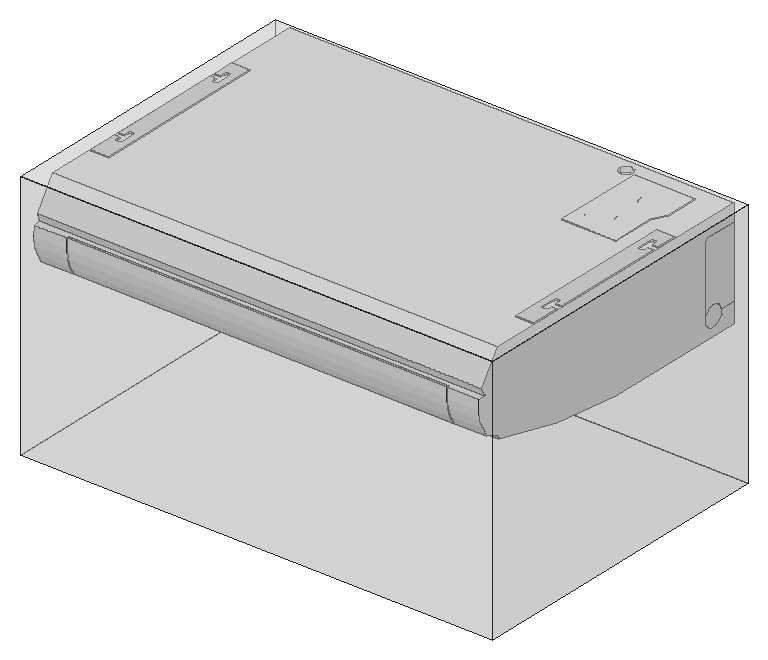
Revit family "outputfile", category 機械設備, Revit 2024
Family settings
  丸型コネクタ寸法 = 半径を使用
  パーツ タイプ = 標準
  OmniClass 番号 = 23.75.10.24.21.27.27
  OmniClass タイトル = Split System Air Conditioning Units
  作業面ベース = いいえ
  常に垂直 = はい
  ロード時にボイドで切り取り = いいえ
  注釈の向きを維持 = いいえ
  共有 = いいえ
  部屋計算ポイント = はい
Parameters (values of type "FHA60DVA")
  製造元 = "Daikin"
  書き出し IFC クラス(タイプ) = "IfcUnitaryEquipmentType"
  定義済み IFC タイプ(タイプ) = "AIRCONDITIONINGUNIT"
  モデル = "FHA60DVA"
  switch_frequency = yes
  r_Liquid Pipe Size = Liquid Pipe Size / 2  # 4.75 mm
  r_Gas Pipe Size = Gas Pipe Size / 2  # 7.95 mm
  r_Drain Pipe Size = Drain Pipe Size / 2  # 10.0 mm
  l_powersupply [instance] = if(Rear Right Connection_powersupply, 29.0 mm, 175.0 mm)  # 29.0 mm
  h_mountinghole = 2.0 mm
  connector_voltage = Voltage_50Hz  # 230 V
  connector_powerinput = [Power Input (Cooling)]  # 1.550 kW
  connector_phase = Phase_50Hz  # 1
  angle_vertical_powersupply [instance] = if(Rear Right Connection_powersupply, 90.00°, 180.00°)  # 90.00°
  angle_vertical_drainpipe [instance] = if(or(Left Connection_drainpipe, Right Connection_drainpipe), 90.00°, if(Top Connection_drainpipe, 180.00°, -90.00°))  # -90.00°
  angle_horizontal_powersupply [instance] = if(Rear Right Connection_powersupply, 180.00°, 0.00°)  # 180.00°
  angle_horizontal_drainpipe [instance] = if(Right Connection_drainpipe, 90.00°, if(Left Connection_drainpipe, -90.00°, 0.00°))  # 0.00°
  Voltage_comment_60Hz = "220-240"
  Voltage_comment_50Hz = "220-240"
  Voltage_60Hz = 230 V
  Voltage_50Hz = 230 V
  Top Connection_refrigerant [instance] = no
  Top Connection_powersupply [instance] = not(Rear Right Connection_powersupply)  # no
  Right Connection_refrigerant [instance] = no
  Rear Right Connection_refrigerant [instance] = yes
  Phase_60Hz = 1
  Phase_50Hz = 1
  Material_Casing = DAIKIN_White_Casing_indoorunit
  lw_powersupply [instance] = if(Rear Right Connection_powersupply, 220.0 mm, 210.0 mm)  # 220.0 mm
  lw_mountinghole_pitch = Width - 40.0 mm  # 920.0 mm
  lw_mountinghole = 20.0 mm
  lw_liquidpipe [instance] = if(Right Connection_refrigerant, 156.0 mm, if(Top Connection_refrigerant, 156.0 mm, 136.0 mm))  # 136.0 mm
  lw_gaspipe = 105.0 mm
  lw_drainpipe [instance] = if(Top Connection_drainpipe, 102.0 mm, if(Width = 960.0 mm, if(or(Left Connection_drainpipe, Rear Left Connection_drainpipe), 884.0 mm, 83.0 mm), if(Width = 1270.0 mm, if(or(Left Connection_drainpipe, Rear Left Connection_drainpipe), 1194.0 mm, 83.0 mm), if(Width = 1590.0 mm, if(or(Left Connection_drainpipe, Rear Left Connection_drainpipe), 1514.0 mm, 83.0 mm), 83.0 mm))))  # 83.0 mm
  lh_powersupply = 175.0 mm
  lh_liquidpipe [instance] = if(Rear Right Connection_refrigerant, 160.0 mm, 131.0 mm)  # 160.0 mm
  lh_gaspipe [instance] = if(Rear Right Connection_refrigerant, 150.0 mm, 91.0 mm)  # 150.0 mm
  lh_drainpipe = 197.0 mm
  l_antena = 1.0 mm
  ld_powersupply = 30.0 mm
  ld_mountinghole_pitch = 260.0 mm
  ld_mountinghole = 210.0 mm
  ld_liquidpipe [instance] = if(Right Connection_refrigerant, 57.0 mm, if(Top Connection_refrigerant, 189.0 mm, 221.0 mm))  # 221.0 mm
  ld_gaspipe [instance] = if(Right Connection_refrigerant, 57.0 mm, if(Top Connection_refrigerant, 163.0 mm, 214.0 mm))  # 214.0 mm
  ld_drainpipe [instance] = if(or(Left Connection_drainpipe, Right Connection_drainpipe), 57.0 mm, if(Top Connection_drainpipe, 87.0 mm, 268.0 mm))  # 268.0 mm
  l_liquidpipe_length [instance] = if(Right Connection_refrigerant, 156.0 mm, if(Top Connection_refrigerant, 131.0 mm, 220.0 mm))  # 220.0 mm
  l_gaspipe_length [instance] = if(Right Connection_refrigerant, 105.0 mm, if(Top Connection_refrigerant, 91.0 mm, 213.0 mm))  # 213.0 mm
  l_drainpipe_length [instance] = if(Right Connection_drainpipe, 83.0 mm, if(Top Connection_drainpipe, 197.0 mm, if(Left Connection_drainpipe, 76.0 mm, 267.0 mm)))  # 267.0 mm
  h*** = 0.0 mm
  angle_vertical [instance] = if(Right Connection_refrigerant, 90.00°, if(Top Connection_refrigerant, 180.00°, -90.00°))  # -90.00°
  angle_horizontal [instance] = if(Right Connection_refrigerant, 90.00°, 0.00°)  # 0.00°
  Width = 960.0 mm
  Version = "ver.1.0"
  Unit Type = "Ceiling"
  Unit Mass Weight = 25.00 kg
  Unit Designation [instance] = ""
  Uniclass2015Version = "Products v1.30"
  Uniclass2015Title = "Split coil room air conditioning units"
  Uniclass2015Code = "Pr_70_65_03_86"
  Total Cooling Capacity [instance] = 0.000 kW
  Top Connection_drainpipe [instance] = no
  Sound Pressure Level_M speed (dBA) = 35
  Sound Pressure Level_L speed (dBA) = 32
  Sound Pressure Level_H speed (dBA) = 37
  Series = "SkyAir_Fan Coil Unit"
  Sensible Cooling Capacity [instance] = 0.000 kW
  Rear Right Connection_drainpipe [instance] = yes
  Rear Right Connection_powersupply [instance] = yes
  Right Connection_drainpipe [instance] = no
  Refrigerant Type = "R32"
  Power Input (Cooling) = 1.550 kW
  Option Accessory 3 [instance] = ""
  Option Accessory 2 [instance] = ""
  Option Accessory 1 [instance] = ""
  Nominal Cooling Capacity = 6.000 kW
  Minimum Airflow = 600.00 m³/h
  Median Airflow = 720.00 m³/h
  Maximum Airflow = 900.00 m³/h
  Load Classification = HVAC
  Liquid Pipe Size = 9.5 mm
  Link_Nested Family [instance] = ""
  Rear Left Connection_drainpipe [instance] = no
  Left Connection_drainpipe [instance] = no
  IfcVersion = ""
  IfcExportType = "AIRCONDITIONINGUNIT"
  IfcExportAs = "IfcUnitaryEquipmentType"
  Height = 235.0 mm
  Heat Exchanger Type = "Cross Fin Coil"
  Gas Pipe Size = 15.9 mm
  Frequency_60Hz = 60 Hz
  Frequency_50Hz = 50 Hz
  Fan Type = "Cross Flow Fan"
  Fan Drive = "Direct Drive"
  FCU Tag No. [instance] = ""
  Drain Pipe Size = 20.0 mm
  Design Supply Airflow [instance] = 0.00 m³/h
  Design Outdoor Airflow [instance] = 0.00 m³/h
  Depth = 690.0 mm
  既定の高さ = 0.0 mm
  Cooling Entering Wet Bulb Temperature [instance] = 0.00 °C
  Cooling Entering Dry Bulb Temperature [instance] = 0.00 °C
  Cooling Ambient Wet Bulb Temperature [instance] = 0.00 °C
  Cooling Ambient Dry Bulb Temperature [instance] = 0.00 °C
  Clearance visibility [instance] = yes
  Clearance Top = 5.0 mm
  Clearance Right = 30.0 mm
  Clearance Rear = 0.0 mm
  Clearance Left = 30.0 mm
  Clearance Front = 0.0 mm
  Clearance Bottom = 300.0 mm
Reference planes
  plane 1 "Back": y = 0
  plane 2: z = 0
  plane 3 "Center (Left/Right)": x = 0
  plane 4 "Center (Front/Back)": y = -1
  plane 5 "Front": y = -690
  plane 6 "Left": x = -480
  plane 7 "Right": x = 480
  plane 8 "Top": z = 0
  plane 9 "Bottom": z = -235
  plane 10: y = -690
  plane 11: x = -510
  plane 12: x = 510
  plane 13: z = 5
  plane 14: z = -535
  plane 15: y = 0
  plane 16 "lw_mountinghole": x = -460
  plane 17 "lw_mountinghole2": x = 460
  plane 18 "ld_mountinghole": y = -210
  plane 19 "ld_mountinghole2": y = -470
  plane 20 "lw_gaspipe": x = 375
  plane 21 "ld_gaspipe": y = -214
  plane 22 "lh_gaspipe": z = -150
  plane 23 "lw_liquidpipe": x = 344
  plane 24 "ld_liquidpipe": y = -221
  plane 25 "lh_liquidpipe": z = -160
  plane 26 "ld_drainpipe": y = -268
  plane 27 "lw_drainpipe": x = 397
  plane 28 "lh_drainpipe": z = -197
  plane 29 "lw_powersupply": x = 260
  plane 30 "lh_powersupply": z = -175
  plane 31 "ld_powersupply": y = -30
  plane 32: x = -410.5
  plane 33: x = 410.5
  plane 34: x = -435
  plane 35: x = 435
  plane 36: x = -2
  plane 37: x = 2
Forms (mm)
  Extrusion 1, solid, material "DAIKIN_White_Casing_indoorunit" <- "Material_Casing"
    sketch origin (0, 0, 0) x (0, 1, 0) y (0, 0, 1)
      loop
        line (-639.277, 0) -> (-680.876, -61.699) -> (-675.026, -77.772)
        arc (-675.026, -77.772) -> (-681.815, -78.743) -> (-688.601, -79.732) r 2634.132
        arc (-688.601, -79.732) -> (-687.018, -121.096) -> (-669.159, -158.439) r 102.2
        line (-669.159, -158.439) -> (-639.858, -169.325) -> (-635.895, -178.261)
        arc (-635.895, -178.261) -> (-479.121, -215.759) -> (-319.077, -235) r 1400.997
        line (-319.077, -235) -> (-1, -235) -> (-1, 0) -> (-639.277, 0)
    from -480 to 480
  Extrusion 2, solid, material "DAIKIN_White_Casing_indoorunit" <- "Material_Casing"
    sketch origin (0, 0, 0) x (0, 1, 0) y (0, 0, 1)
      loop
        arc (-688.601, -79.732) -> (-687.018, -121.096) -> (-669.159, -158.439) r 102.2
        line (-669.159, -158.439) -> (-665.589, -154.869)
        arc (-665.589, -154.869) -> (-682.432, -118.783) -> (-683.39, -78.971) r 97.2
        arc (-683.39, -78.971) -> (-685.996, -79.351) -> (-688.601, -79.732) r 2634.132
    from -410.5 to 410.5
  Extrusion 3, void
    sketch origin (0, 0, 0) x (0, 1, 0) y (0, 0, 1)
      loop
        line (-301.098, -235) -> (-21.098, -235) -> (-21.098, -230) -> (-301.098, -230) -> (-301.098, -235)
    from -435 to 435
  Extrusion 4, solid, material "DAIKIN_White_Grille_indoorunit"
    sketch origin (0, 0, 0) x (0, 1, 0) y (0, 0, 1)
      loop
        line (-20.098, -230) -> (-301.098, -230) -> (-301.098, -235) -> (-20.098, -235) -> (-20.098, -230)
    from -435 to -2
  Extrusion 5, solid, material "DAIKIN_White_Casing_indoorunit" <- "Material_Casing"
    sketch origin (0, 0, 0) x (1, 0, 0) y (0, 0, 1)
      loop
        line (287, -63) -> (287, -178) -> (358, -220) -> (421, -220) -> (421, -63) -> (287, -63)
    from 0 to 1
  Extrusion 6, solid, material "DAIKIN_White_Casing_indoorunit" <- "Material_Casing"
    sketch origin (0, 0, 0) x (-1, 0, 0) y (0, -1, 0)
      loop
        line (-292, 35) -> (-292, 230) -> (-408, 230) -> (-408, 135) -> (-423, 105) -> (-423, 35) -> (-292, 35)
    from 0 to 1.9
  Extrusion 7, void
    sketch origin (480, 0, 0) x (0, 1, 0) y (0, 0, 1)
      loop
        arc (-79.5, -195) -> (-55.446, -217.446) -> (-34.715, -191.9) r 22.5
        line (-34.715, -191.9) -> (-1, -191.9) -> (-1, -190.1) -> (-35.04, -190.1)
        arc (-35.04, -190.1) -> (-54.942, -172.594) -> (-77.7, -186.182) r 22.5
        line (-77.7, -186.182) -> (-77.7, -43)
        arc (-77.7, -43) -> (-76.528, -40.172) -> (-73.7, -39) r 4
        line (-73.7, -39) -> (-1, -39) -> (-1, -37.2) -> (-73.7, -37.2)
        arc (-73.7, -37.2) -> (-77.801, -38.899) -> (-79.5, -43) r 5.8
        line (-79.5, -43) -> (-79.5, -195)
      loop
        circle (-57, -195) r 20.7
    from 0 to -10
  Extrusion 8, void
    sketch origin (-1444.026, -1, 1200) x (1, 0, 0) y (0, 0, 1)
      loop
        arc (1030.026, -1375) -> (1019.42, -1379.393) -> (1015.026, -1390) r 15
        line (1015.026, -1390) -> (1015.026, -1400)
        arc (1015.026, -1400) -> (1019.42, -1410.607) -> (1030.026, -1415) r 15
        line (1030.026, -1415) -> (1060.026, -1415)
        arc (1060.026, -1415) -> (1070.633, -1410.607) -> (1075.026, -1400) r 15
        line (1075.026, -1400) -> (1075.026, -1390)
        arc (1075.026, -1390) -> (1070.633, -1379.393) -> (1060.026, -1375) r 15
        line (1060.026, -1375) -> (1030.026, -1375)
    from 0 to 10
  Extrusion 9, void
    sketch origin (-480, 0, 0) x (0, 1, 0) y (0, 0, 1)
      loop
        circle (-57, -197) r 22.5
    from 0 to 10
  Extrusion 10, void
    sketch origin (-1444.026, -1, 1200) x (1, 0, 0) y (0, 0, 1)
      loop
        circle (1821.026, -1375) r 44
    from 0 to 10
  Extrusion 11, void
    sketch origin (0, 0, 0) x (-1, 0, 0) y (0, -1, 0)
      loop
        circle (-378, 87) r 30
    from 0 to -10
  Extrusion 12, void
    sketch origin (0, 0, 0) x (-1, 0, 0) y (0, -1, 0)
      loop
        circle (-375, 163) r 18
    from 0 to -10
  Extrusion 13, void
    sketch origin (0, 0, 0) x (-1, 0, 0) y (0, -1, 0)
      loop
        circle (-324, 189) r 13
    from 0 to -10
  Extrusion 14, void
    sketch origin (-1444.026, -1, 1200) x (1, 0, 0) y (0, 0, 1)
      loop
        circle (1704.026, -1375) r 14.5
    from 0 to 10
  Extrusion 15, void
    sketch origin (0, 0, 0) x (-1, 0, 0) y (0, -1, 0)
      loop
        circle (-270, 30) r 14.5
    from 0 to -10
  Extrusion 16, void
    sketch origin (480, 0, 0) x (0, 1, 0) y (0, 0, 1)
      loop
        arc (-665.589, -154.869) -> (-682.432, -118.783) -> (-683.39, -78.971) r 97.2
        arc (-683.39, -78.971) -> (-685.996, -79.351) -> (-688.601, -79.732) r 2634.132
        arc (-688.601, -79.732) -> (-687.018, -121.096) -> (-669.159, -158.439) r 102.2
        line (-669.159, -158.439) -> (-665.589, -154.869)
    from -69.5 to -890.5
  Extrusion 17, solid, material "DAIKIN_White_Casing_indoorunit" <- "Material_Casing"
    sketch origin (-480, 0, 0) x (0, 1, 0) y (0, 0, 1)
      loop
        circle (-57, -197) r 22.5
    from 0 to 10
  Extrusion 18, solid, material "DAIKIN_White_Grille_indoorunit"
    sketch origin (780, 0, 0) x (0, 1, 0) y (0, 0, 1)
      loop
        line (-20.098, -230) -> (-301.098, -230) -> (-301.098, -235) -> (-20.098, -235) -> (-20.098, -230)
    from -782 to -778
  Extrusion 19, solid, material "DAIKIN_White_Grille_indoorunit"
    sketch origin (0, 0, 0) x (0, 1, 0) y (0, 0, -1)
      loop
        line (-20.098, 230) -> (-20.098, 235) -> (-301.098, 235) -> (-301.098, 230) -> (-20.098, 230)
    from -435 to -2
Cuts and joins
  Extrusion 3, Extrusion 7, Extrusion 8, Extrusion 9, Extrusion 10, Extrusion 11, Extrusion 12, Extrusion 13, Extrusion 14, Extrusion 15, Extrusion 16 cuts Extrusion 1
Lines and regions (mm)
  reference lines
    curve 1: line (480, -580.282, -192.75) -> (480, -551.225, -200.21)
Dimensions and locks
  equal spacing: plane 6 "Left", plane 3 "Center (Left/Right)", plane 7 "Right"
  "Width": plane 6 "Left" to plane 7 "Right"
  "Depth": plane 5 "Front" to plane 1 "Back"
  "Height": plane 8 "Top" to plane 9 "Bottom"
  "Clearance Front": plane 10 to plane 5 "Front"
  "Clearance Left": plane 11 to plane 6 "Left"
  "Clearance Right": plane 7 "Right" to plane 12
  "Clearance Top": plane 13 to plane 8 "Top"
  "Clearance Bottom": plane 9 "Bottom" to plane 14
  "Clearance Rear": plane 1 "Back" to plane 15
  locked: plane 4 "Center (Front/Back)" to plane 1 "Back" at 1
  locked: Extrusion 1 sketch curve to Extrusion 1 sketch curve at 235
  locked: Extrusion 1 sketch curve to Extrusion 1 sketch curve at 318.077
  locked: Extrusion 1 sketch curve to Extrusion 1 sketch curve at 1163.297
  locked: Extrusion 1 sketch curve to Extrusion 1 sketch curve at 231.144
  Extrusion 3 sketch curve to Extrusion 3 sketch curve to plane 1 "Back" = 280.0 mm locked, 21.098 mm locked
  "ld_mountinghole": plane 18 "ld_mountinghole" to plane 1 "Back"
  "ld_mountinghole_pitch": plane 18 "ld_mountinghole" to plane 19 "ld_mountinghole2"
  "lw_mountinghole_pitch": plane 16 "lw_mountinghole" to plane 17 "lw_mountinghole2"
  "lw_mountinghole": plane 6 "Left" to plane 16 "lw_mountinghole"
  "lw_gaspipe": plane 20 "lw_gaspipe" to plane 7 "Right"
  "ld_gaspipe": plane 1 "Back" to plane 21 "ld_gaspipe"
  "lw_liquidpipe": plane 23 "lw_liquidpipe" to plane 7 "Right"
  "ld_liquidpipe": plane 1 "Back" to plane 24 "ld_liquidpipe"
  "lw_drainpipe": plane 27 "lw_drainpipe" to plane 7 "Right"
  "ld_drainpipe": plane 26 "ld_drainpipe" to plane 1 "Back"
  plane 8 "Top" to Extrusion 5 sketch curve to Extrusion 5 sketch curve = 63.0 mm locked, 157.0 mm locked
  plane 7 "Right" to Extrusion 5 sketch curve to Extrusion 5 sketch curve = 59.0 mm locked, 134.0 mm locked
  locked: Extrusion 5 sketch curve to Extrusion 5 sketch curve at 115
  locked: Extrusion 5 sketch curve to Extrusion 5 sketch curve at 63
  locked: Extrusion 6 sketch curve to Extrusion 6 sketch curve at 195
  locked: Extrusion 6 sketch curve to Extrusion 6 sketch curve at 116
  locked: Extrusion 6 sketch curve to Extrusion 6 sketch curve at 131
  locked: Extrusion 6 sketch curve to Extrusion 6 sketch curve at 100
  locked: Extrusion 6 sketch curve to plane 1 "Back" at 35
  locked: Extrusion 6 sketch curve to plane 7 "Right" at 57
  locked: Extrusion 8 sketch curve to Extrusion 8 sketch curve at 40
  locked: Extrusion 8 sketch curve to Extrusion 8 sketch curve at 60
  locked: plane 8 "Top" to Extrusion 8 sketch curve at 175
  locked: Extrusion 8 sketch curve to plane 6 "Left" at 51
  locked: plane 7 "Right" to Extrusion 10 sketch curve at 103
  locked: plane 8 "Top" to Extrusion 10 sketch curve at 175
  locked: Extrusion 11 sketch curve to plane 1 "Back" at 87
  locked: Extrusion 11 sketch curve to plane 7 "Right" at 102
  locked: Extrusion 12 sketch curve to plane 1 "Back" at 163
  locked: Extrusion 12 sketch curve to plane 7 "Right" at 105
  locked: Extrusion 13 sketch curve to plane 1 "Back" at 189
  locked: Extrusion 13 sketch curve to plane 7 "Right" at 156
  "lw_powersupply": plane 29 "lw_powersupply" to plane 7 "Right"
  "lh_gaspipe": plane 8 "Top" to plane 22 "lh_gaspipe"
  "lh_liquidpipe": plane 8 "Top" to plane 25 "lh_liquidpipe"
  "lh_powersupply": plane 8 "Top" to plane 30 "lh_powersupply"
  "lh_drainpipe": plane 8 "Top" to plane 28 "lh_drainpipe"
  "ld_powersupply": plane 1 "Back" to plane 31 "ld_powersupply"
  locked: plane 8 "Top" to Extrusion 7 sketch curve at 195
  locked: Extrusion 7 sketch curve to plane 1 "Back" at 57
  locked: plane 9 "Bottom" to Extrusion 7 sketch curve at 43.1
  locked: Extrusion 7 sketch curve to plane 8 "Top" at 39
  locked: Extrusion 7 sketch curve to plane 1 "Back" at 79.5
  locked: Extrusion 9 sketch curve to plane 1 "Back" at 57
  locked: plane 8 "Top" to Extrusion 9 sketch curve at 197
  locked: Extrusion 17 sketch curve to plane 1 "Back" at 57
  locked: plane 8 "Top" to Extrusion 17 sketch curve at 197
  locked: plane 7 "Right" to Extrusion 14 sketch curve at 220
  locked: plane 8 "Top" to Extrusion 14 sketch curve at 175
  locked: Extrusion 15 sketch curve to plane 7 "Right" at 210
  locked: Extrusion 15 sketch curve to plane 1 "Back" at 30
  locked: curve 1 to plane 9 "Bottom" at 34.79
  locked: curve 1 to plane 9 "Bottom" at 42.25
  locked: plane 6 "Left" to plane 32 at 69.5
  locked: plane 33 to plane 7 "Right" at 69.5
  locked: plane 35 to plane 7 "Right" at 45
  locked: plane 6 "Left" to plane 34 at 45
  plane 36 to plane 3 "Center (Left/Right)" to plane 37 = 2.0 mm locked, 2.0 mm locked
  locked: curve 1 to plane 9 "Bottom" (angle 14.40°)
  aligned and locked: level to plane 2
  aligned and locked: nested 1 to plane 11
  aligned and locked: nested 1 to plane 12
  aligned and locked: nested 1 to plane 10
  aligned and locked: plane 13 to nested 1
  aligned and locked: plane 14 to nested 1
  aligned and locked: plane 15 to nested 1
  aligned and locked: Extrusion 1 sketch curve to plane 8 "Top"
  aligned and locked: Extrusion 2 sketch curve to Extrusion 1  (x2)
  aligned and locked: plane 7 "Right" to Extrusion 1
  aligned and locked: Extrusion 1 to plane 6 "Left"
  aligned and locked: cut or joined group 1 (Extrusion 1, Extrusion 3, Extrusion 7, Extrusion 8, Extrusion 9, Extrusion 10, Extrusion 11, Extrusion 12, Extrusion 13, Extrusion 14, Extrusion 15, Extrusion 16) to Extrusion 3 sketch curve
  aligned and locked: cut or joined group 1 to Extrusion 4 sketch curve
  aligned and locked: Extrusion 5 to plane 4 "Center (Front/Back)"
  aligned and locked: Extrusion 7 sketch curve to plane 4 "Center (Front/Back)"
  aligned and locked: Extrusion 16 sketch curve to Extrusion 2  (x4)
  aligned and locked: Extrusion 16 to Extrusion 2  (x2)
  aligned and locked: nested 2 to plane 26 "ld_drainpipe"
  aligned and locked: plane 27 "lw_drainpipe" to nested 2
  aligned and locked: plane 20 "lw_gaspipe" to nested 3
  aligned and locked: nested 3 to plane 21 "ld_gaspipe"
  aligned and locked: plane 23 "lw_liquidpipe" to nested 4
  aligned and locked: nested 4 to plane 24 "ld_liquidpipe"
  aligned and locked: plane 25 "lh_liquidpipe" to nested 4
  aligned and locked: nested 5 to plane 31 "ld_powersupply"
  aligned and locked: plane 29 "lw_powersupply" to nested 5
  aligned and locked: nested 7 to plane 18 "ld_mountinghole"
  aligned and locked: plane 16 "lw_mountinghole" to nested 7
  aligned and locked: nested 6 to plane 19 "ld_mountinghole2"
  aligned and locked: plane 16 "lw_mountinghole" to nested 6
  aligned and locked: nested 9 to plane 18 "ld_mountinghole"
  aligned and locked: plane 17 "lw_mountinghole2" to nested 9
  aligned and locked: plane 17 "lw_mountinghole2" to nested 8
  aligned and locked: nested 8 to plane 19 "ld_mountinghole2"
  aligned and locked: nested 10 to curve 1
  aligned and locked: level to plane 8 "Top"
  aligned and locked: cut or joined group 1 to plane 32
  aligned and locked: plane 33 to cut or joined group 1
  aligned and locked: Extrusion 16 to plane 32
  aligned and locked: plane 33 to Extrusion 16
  aligned and locked: Extrusion 4 to plane 34
  aligned and locked: cut or joined group 1 to plane 34
  aligned and locked: plane 34 to Extrusion 4  (x3)
  aligned and locked: plane 16 "lw_mountinghole" to nested 11
  aligned and locked: plane 17 "lw_mountinghole2" to nested 12
  aligned and locked: plane 36 to Extrusion 4
  aligned and locked: Extrusion 18 to plane 36
  aligned and locked: plane 37 to Extrusion 18
  aligned and locked: Extrusion 19 to plane 37
  aligned and locked: plane 37 to Extrusion 19
  aligned and locked: plane 35 to Extrusion 19
  aligned and locked: plane 35 to Extrusion 3
  aligned and locked: Extrusion 4 to cut or joined group 1
  aligned and locked: cut or joined group 1 to Extrusion 18
  aligned and locked: cut or joined group 1 to Extrusion 19
Automatic sketch dimensions
  Extrusion 1 sketch curve to plane 4 "Center (Front/Back)" = 0.0 mm
  Extrusion 1 sketch curve to plane 5 "Front" = 102.2 mm
  Extrusion 1 sketch curve to plane 30 "lh_powersupply" = 3.261 mm
  Extrusion 1 sketch curve to plane 5 "Front" = 50.723 mm
  plane 30 "lh_powersupply" to Extrusion 1 sketch curve = 5.675 mm
  Extrusion 1 sketch curve to Extrusion 1 sketch curve = 3.963 mm
  plane 25 "lh_liquidpipe" to Extrusion 1 sketch curve = 1.561 mm
  Extrusion 1 sketch curve to plane 5 "Front" = 20.841 mm
  Extrusion 1 sketch curve to plane 5 "Front" = 14.974 mm
  Extrusion 1 sketch curve to plane 5 "Front" = 9.124 mm
  Extrusion 1 sketch curve to plane 26 "ld_drainpipe" = 37.278 mm
  Extrusion 1 sketch curve to plane 14 = 2150.825 mm
  plane 22 "lh_gaspipe" to Extrusion 1 sketch curve = 53.413 mm
  Extrusion 1 sketch curve to level = 77.772 mm
  Extrusion 1 sketch curve to Extrusion 1 sketch curve = 16.072 mm
  Extrusion 2 sketch curve to Extrusion 2 sketch curve = 0.0 mm  (x2)
  plane 25 "lh_liquidpipe" to Extrusion 2 sketch curve = 1.561 mm
  Extrusion 2 sketch curve to plane 22 "lh_gaspipe" = 4.869 mm
  Extrusion 2 sketch curve to Extrusion 2 sketch curve = 3.57 mm
  Extrusion 3 sketch curve to Extrusion 3 sketch curve = 5.0 mm
  plane 31 "ld_powersupply" to Extrusion 4 sketch curve = 9.902 mm
  Extrusion 4 sketch curve to Extrusion 4 sketch curve = 5.0 mm
  Extrusion 6 sketch curve to Extrusion 6 sketch curve = 30.0 mm
  Extrusion 7 sketch curve to Extrusion 7 sketch curve = 0.0 mm  (x6)
  Extrusion 7 sketch curve to plane 4 "Center (Front/Back)" = 0.0 mm  (x2)
  Extrusion 7 sketch curve to Extrusion 7 sketch curve = 1.8 mm  (x2)
  Extrusion 7 sketch curve to Extrusion 7 sketch curve = 4.0 mm
  Extrusion 7 sketch curve to Extrusion 7 sketch curve = 0.325 mm
  Extrusion 8 sketch curve to plane 32 = 3.5 mm  (x2)
  Extrusion 8 sketch curve to plane 28 "lh_drainpipe" = 3.0 mm
  Extrusion 8 sketch curve to Extrusion 8 sketch curve = 15.0 mm
  curve 1 to plane 5 "Front" = 109.718 mm
  Extrusion 18 sketch curve to plane 9 "Bottom" = 0.0 mm
  plane 9 "Bottom" to Extrusion 18 sketch curve = 5.0 mm
  Extrusion 18 sketch curve to plane 26 "ld_drainpipe" = 33.098 mm
  plane 31 "ld_powersupply" to Extrusion 18 sketch curve = 9.902 mm
  Extrusion 19 sketch curve to plane 9 "Bottom" = 0.0 mm
  plane 9 "Bottom" to Extrusion 19 sketch curve = 5.0 mm
  Extrusion 19 sketch curve to plane 26 "ld_drainpipe" = 33.098 mm
  plane 31 "ld_powersupply" to Extrusion 19 sketch curve = 9.902 mm
  Extrusion 4 sketch curve to plane 26 "ld_drainpipe" = 33.098 mm
  radius of Extrusion 7 sketch curve = 20.7 mm
  radius of Extrusion 9 sketch curve = 22.5 mm
  radius of Extrusion 10 sketch curve = 44.0 mm
  radius of Extrusion 11 sketch curve = 30.0 mm
  radius of Extrusion 12 sketch curve = 18.0 mm
  radius of Extrusion 13 sketch curve = 13.0 mm
  radius of Extrusion 14 sketch curve = 14.5 mm
  radius of Extrusion 15 sketch curve = 14.5 mm
  radius of Extrusion 17 sketch curve = 22.5 mm
Nested families
  nested 1: "daikin_clearancespace" at (0, -345, -264.881), visible <- "Clearance visibility", show <- "Clearance visibility", Link_Nested Family <- "Link_Nested Family", type "daikin_clearancespace"
    with width 1020.0 mm, show yes, height 540.0 mm, depth 690.0 mm, Link_Nested Family ""
  nested 2: "daikin_connector_rotate3" at (397, -268, -197), radius <- "r_Drain Pipe Size", angle_vertical <- "angle_vertical_drainpipe", angle_horizontal <- "angle_horizontal_drainpipe", length <- "l_drainpipe_length", type "daikin_connector_rotate3"
    with show no, radius 10.0 mm, length 267.0 mm, angle_vertical -90.00°, angle_horizontal 0.00°
  nested 3: "daikin_connector_rotate3" at (375, -214, -150), radius <- "r_Gas Pipe Size", angle_vertical <- "angle_vertical", angle_horizontal <- "angle_horizontal", length <- "l_gaspipe_length", type "daikin_connector_rotate3"
    with show no, radius 7.95 mm, length 213.0 mm, angle_vertical -90.00°, angle_horizontal 0.00°
  nested 4: "daikin_connector_rotate3" at (344, -221, -160), radius <- "r_Liquid Pipe Size", angle_vertical <- "angle_vertical", angle_horizontal <- "angle_horizontal", length <- "l_liquidpipe_length", type "daikin_connector_rotate3"
    with show no, radius 4.75 mm, length 220.0 mm, angle_vertical -90.00°, angle_horizontal 0.00°
  nested 5: "daikin_connector_rotate3" at (260, -30, -175), length <- "l_powersupply", angle_vertical <- "angle_vertical_powersupply", angle_horizontal <- "angle_horizontal_powersupply", type "daikin_connector_rotate3"
    with show no, radius 10.0 mm, length 29.0 mm, angle_vertical 90.00°, angle_horizontal 180.00°
  nested 6: "daikin_mountinghole" at (-460, -470, 0), l_antenna <- "l_antena", Link_Nested Family <- "Link_Nested Family", h_mountinghole <- "h_mountinghole", type "daikin_mountinghole"
    with show yes, l_antenna 1.0 mm, h_mountinghole 2.0 mm, Link_Nested Family ""
  nested 7: "daikin_mountinghole" at (-460, -210, 0), l_antenna <- "l_antena", Link_Nested Family <- "Link_Nested Family", h_mountinghole <- "h_mountinghole", type "daikin_mountinghole"
    with show yes, l_antenna 1.0 mm, h_mountinghole 2.0 mm, Link_Nested Family ""
  nested 8: "daikin_mountinghole" at (460, -470, 0), l_antenna <- "l_antena", Link_Nested Family <- "Link_Nested Family", h_mountinghole <- "h_mountinghole", type "daikin_mountinghole"
    with show yes, l_antenna 1.0 mm, h_mountinghole 2.0 mm, Link_Nested Family ""
  nested 9: "daikin_mountinghole" at (460, -210, 0), Link_Nested Family <- "Link_Nested Family", l_antenna <- "l_antena", h_mountinghole <- "h_mountinghole", type "daikin_mountinghole"
    with show yes, l_antenna 1.0 mm, h_mountinghole 2.0 mm, Link_Nested Family ""
  nested 10: "daikin_logo_plane_w40" at (332.963, -559.801, -198.008) x (1, 0, 0) z (0, -0.2487, -0.9686), type "daikin_logo_plane_w40"
    with show_logo yes
  nested 11: "daikin_hangerfixture_FHA-DVA" at (-460, 0, 0), type "daikin_hangerfixture_FHA-DVA"
    with width 38.0 mm, height 2.0 mm, depth 380.0 mm
  nested 12: "daikin_hangerfixture_FHA-DVA" at (460, 0, 0) x (-1, 0, 0) z (0, 0, 1), type "daikin_hangerfixture_FHA-DVA"
    with width 38.0 mm, height 2.0 mm, depth 380.0 mm
Connectors
  piping at (397, -1, -197), diameter 20, driven by "r_Drain Pipe Size"
    settings: on nested 2, index 1, connector inside diameter 609.6 mm, connector length 0.0 mm, flow factor 0, pipe flow 0.00 m³/h, pressure drop 0.0 Pa, fitting loss kfactor 0, connector angle 0.00°, fixture units 0, engagement length 0.0 mm, angle of deflection 0.00°, flow configuration 1, flow direction 2, fitting loss method 4, system type 16, joint type 0, gender type 0, connector reference index -1, connector utility 0, adjustable connector no, is connector primary yes, connector description "Condensate Drain Piping"
  piping at (375, -1, -150), diameter 15.9, driven by "r_Gas Pipe Size"
    settings: on nested 3, index 3, connector inside diameter 609.6 mm, connector length 0.0 mm, flow factor 0, pipe flow 0.00 m³/h, pressure drop 0.0 Pa, fitting loss kfactor 0, connector angle 0.00°, fixture units 0, engagement length 0.0 mm, angle of deflection 0.00°, flow configuration 1, flow direction 2, fitting loss method 0, system type 29, joint type 0, gender type 0, connector reference index -1, connector utility 0, adjustable connector no, is connector primary no, connector description "Refrigerant Gas Piping"
  piping at (344, -1, -160), diameter 9.5, driven by "r_Liquid Pipe Size"
    settings: on nested 4, index 4, connector inside diameter 609.6 mm, connector length 0.0 mm, flow factor 0, pipe flow 0.00 m³/h, pressure drop 0.0 Pa, fitting loss kfactor 0, connector angle 0.00°, fixture units 0, engagement length 0.0 mm, angle of deflection 0.00°, flow configuration 1, flow direction 1, fitting loss method 0, system type 29, joint type 0, gender type 0, connector reference index -1, connector utility 0, adjustable connector no, is connector primary no, connector description "Refrigerant Liquid Piping"
  electrical at (260, -1, -175), driven by "Load Classification", driven by "connector_powerinput", driven by "connector_phase", driven by "connector_voltage"
    settings: on nested 5, index 6, voltage 230 V, apparent load 1550 VA, apparent load phase1 0 VA, apparent load phase2 0 VA, apparent load phase3 0 VA, power factor 1, load classification "HVAC", number of poles 1, system type 30, power factor state 1, is connector primary yes, connector utility no, sub classification motor no, connector description "Power Supply"
Definition of nested family "daikin_clearancespace"
  Parameters (values of type "daikin_clearancespace")
    Description = "daikin_clearancespace"
    width [instance] = 1823.963 mm
    show [instance] = yes
    material = none
    height [instance] = 1359.762 mm
    depth [instance] = 880.0 mm
    Default Elevation = 0.0 mm
    Link_Nested Family [instance] = ""
  Reference planes
    plane 1 "Center (Front/Back)": y = 0
    plane 2 "Center (Elevation)": z = -0.119
    plane 3 "Center (Left/Right)": x = 0
    plane 4: y = 440
    plane 5: y = -440
    plane 6 "Right": x = 911.982
    plane 7 "Left": x = -911.982
    plane 8 "Top": z = 679.762
    plane 9 "Bottom": z = -680
  Forms (mm)
    Extrusion 1, solid, material <- "material", visible <- "show"
      sketch origin (0, 0, 0) x (1, 0, 0) y (0, 1, 0)
        loop
          line (-911.982, 440) -> (-911.982, -440) -> (911.982, -440) -> (911.982, 440) -> (-911.982, 440)
      from -680 to 679.762
  Lines and regions (mm)
    symbolic lines, visible <- "show"
      curve 1: line (911.982, 440, 0) -> (-911.982, 440, 0)
      curve 2: line (-911.982, 440, 0) -> (-911.982, -440, 0)
      curve 3: line (-911.982, -440, 0) -> (911.982, -440, 0)
      curve 4: line (911.982, -440, 0) -> (911.982, 440, 0)
      curve 5: line (911.982, 0, 679.762) -> (-911.982, 0, 679.762)
      curve 6: line (911.982, 0, -680) -> (911.982, 0, 679.762)
      curve 7: line (-911.982, 0, -680) -> (911.982, 0, -680)
      curve 8: line (-911.982, 0, 679.762) -> (-911.982, 0, -680)
      curve 9: line (0, 440, 679.762) -> (0, -440, 679.762)
      curve 10: line (0, -440, 679.762) -> (0, -440, -680)
      curve 11: line (0, 440, -680) -> (0, 440, 679.762)
      curve 12: line (0, -440, -680) -> (0, 440, -680)
  Dimensions and locks
    "width": plane 7 "Left" to plane 6 "Right"
    "depth": plane 4 to plane 5
    "height": plane 8 "Top" to plane 9 "Bottom"
    equal spacing: plane 7 "Left", plane 3 "Center (Left/Right)", plane 6 "Right"
    equal spacing: plane 4, plane 1 "Center (Front/Back)", plane 5
    equal spacing: plane 8 "Top", plane 2 "Center (Elevation)", plane 9 "Bottom"
    aligned and locked: level to plane 2 "Center (Elevation)"
    aligned and locked: Extrusion 1 sketch curve to plane 4
    aligned and locked: plane 7 "Left" to Extrusion 1 sketch curve
    aligned and locked: Extrusion 1 sketch curve to plane 5
    aligned and locked: Extrusion 1 sketch curve to plane 6 "Right"
    aligned and locked: plane 8 "Top" to Extrusion 1
    aligned and locked: curve 1 to Extrusion 1
    aligned and locked: curve 2 to Extrusion 1
    aligned and locked: curve 3 to Extrusion 1
    aligned and locked: curve 4 to Extrusion 1
    aligned and locked: curve 5 to Extrusion 1
    aligned and locked: curve 6 to Extrusion 1
    aligned and locked: curve 7 to Extrusion 1
    aligned and locked: curve 8 to Extrusion 1
    aligned and locked: curve 9 to Extrusion 1
    aligned and locked: curve 10 to Extrusion 1
    aligned and locked: curve 11 to Extrusion 1
    aligned and locked: curve 12 to Extrusion 1
    aligned and locked: Extrusion 1 to plane 9 "Bottom"
Definition of nested family "daikin_logo_plane_w40"
  Parameters (values of type "daikin_logo_plane_w40")
    width = 40.0 mm
    show_logo [instance] = yes
    material = none
    height = 0.0 mm
    depth = 0.0 mm
    Default Elevation = 1219.2 mm
  Reference planes
    plane 1 "Center (Front/Back)": y = 0
    plane 2: z = 0
    plane 3 "Center (Left/Right)": x = 0
    plane 4: z = 2
    plane 5 "left": x = -19
    plane 6: x = 19
  Forms (mm)
    Extrusion 1, solid, visible <- "show_logo"
      sketch origin (-19, 0, 0) x (1, 0, 0) y (0, 1, 0)
        loop
          line (8.902, -1.878) -> (7.789, -6.332) -> (11.13, -6.332)
          arc (11.13, -6.332) -> (12.454, -6.064) -> (13.472, -5.176) r 2.642
          arc (13.472, -5.176) -> (13.92, -4.02) -> (13.767, -2.79) r 2.537
          arc (13.767, -2.79) -> (13.452, -2.342) -> (12.982, -2.06) r 1.321
          arc (12.982, -2.06) -> (12.063, -1.902) -> (11.13, -1.878) r 6.479
          line (11.13, -1.878) -> (8.902, -1.878)
        loop
          line (10.016, -5.441) -> (10.907, -5.441)
          arc (10.907, -5.441) -> (11.591, -4.983) -> (11.988, -4.261) r 1.742
          spline (11.988, -4.261) -> (12.01, -4.155) -> (12.027, -4.03) -> (12.037, -3.893) -> (12.037, -3.747) -> (12.026, -3.598) -> (12.002, -3.451) -> (11.962, -3.31) -> (11.905, -3.181) -> (11.829, -3.069) -> (11.731, -2.978) -> (11.61, -2.913) -> (11.464, -2.88)
          line (11.464, -2.88) -> (10.573, -2.88) -> (10.016, -5.441)
        loop
          line (13.58, -6.332) -> (14.805, -6.332) -> (15.223, -5.553) -> (16.977, -5.553) -> (17.144, -6.332) -> (19.149, -6.332) -> (18.258, -1.878) -> (16.03, -1.878) -> (13.58, -6.332)
        loop
          line (16.476, -3.214) -> (15.76, -4.551) -> (16.762, -4.551) -> (16.476, -3.214)
        loop
          line (19.705, -6.332) -> (21.599, -6.332) -> (22.712, -1.878) -> (20.819, -1.878) -> (19.705, -6.332)
        loop
          line (22.712, -6.332) -> (24.606, -6.332) -> (24.908, -5.122) -> (25.831, -6.332) -> (28.17, -6.332) -> (26.388, -3.994) -> (28.949, -1.878) -> (26.945, -1.878) -> (25.401, -3.153) -> (25.719, -1.878) -> (23.826, -1.878) -> (22.712, -6.332)
        loop
          line (29.84, -1.878) -> (28.615, -6.332) -> (30.62, -6.332) -> (31.734, -1.878) -> (29.84, -1.878)
        loop
          line (31.734, -6.332) -> (33.07, -6.332) -> (33.7, -3.814) -> (34.518, -6.332) -> (36.745, -6.332) -> (37.859, -1.878) -> (36.523, -1.878) -> (35.845, -4.589) -> (34.963, -1.878) -> (32.847, -1.878) -> (31.734, -6.332)
      from 0 to 2
    Extrusion 2, solid, visible <- "show_logo"
      sketch origin (-19, 0, 0) x (1, 0, 0) y (0, 1, 0)
        loop
          line (8.7, 0) -> (4.235, 0) -> (0, -3.879) -> (0, -8) -> (8.7, 0)
      from 0 to 2
    Extrusion 3, solid, visible <- "show_logo"
      sketch origin (-19, 0, 0) x (1, 0, 0) y (0, 1, 0)
        loop
          line (0, 0) -> (0, -3.879) -> (4.235, 0) -> (0, 0)
      from 0 to 2
  Dimensions and locks
    plane 4 to plane 2 = 2.0 mm
    equal spacing: plane 5 "left", plane 3 "Center (Left/Right)", plane 6
    locked: plane 5 "left" to plane 6 at 38
    aligned and locked: level to plane 2
    aligned and locked: Extrusion 3 to plane 1 "Center (Front/Back)"  (x2)
    aligned and locked: Extrusion 2 to plane 1 "Center (Front/Back)"  (x2)
    aligned and locked: plane 4 to Extrusion 1
    aligned and locked: plane 4 to Extrusion 3
    aligned and locked: plane 4 to Extrusion 2
    aligned and locked: Extrusion 3 to plane 5 "left"
    aligned and locked: Extrusion 2 to plane 5 "left"
  Automatic sketch dimensions
    Extrusion 1 sketch curve to Extrusion 1 sketch curve = 0.901 mm
    Extrusion 1 sketch curve to Extrusion 1 sketch curve = 1.559 mm
    Extrusion 1 sketch curve to Extrusion 1 sketch curve = 1.327 mm
    Extrusion 1 sketch curve to Extrusion 1 sketch curve = 2.145 mm
    Extrusion 1 sketch curve to Extrusion 1 sketch curve = 1.448 mm
    Extrusion 1 sketch curve to Extrusion 1 sketch curve = 2.116 mm
    Extrusion 1 sketch curve to Extrusion 1 sketch curve = 1.114 mm  (x4)
    Extrusion 1 sketch curve to Extrusion 1 sketch curve = 1.336 mm  (x2)
    plane 1 "Center (Front/Back)" to Extrusion 1 sketch curve = 1.878 mm  (x5)
    Extrusion 1 sketch curve to Extrusion 1 sketch curve = 1.893 mm  (x5)
    Extrusion 1 sketch curve to Extrusion 1 sketch curve = 0.891 mm  (x4)
    Extrusion 1 sketch curve to Extrusion 1 sketch curve = 2.005 mm  (x3)
    Extrusion 1 sketch curve to Extrusion 1 sketch curve = 0.445 mm  (x2)
    plane 1 "Center (Front/Back)" to Extrusion 1 sketch curve = 3.994 mm
    Extrusion 1 sketch curve to Extrusion 1 sketch curve = 0.557 mm  (x2)
    Extrusion 1 sketch curve to Extrusion 1 sketch curve = 2.339 mm  (x2)
    Extrusion 1 sketch curve to Extrusion 1 sketch curve = 1.225 mm  (x3)
    plane 1 "Center (Front/Back)" to Extrusion 1 sketch curve = 3.153 mm
    Extrusion 1 sketch curve to Extrusion 1 sketch curve = 0.987 mm
    plane 1 "Center (Front/Back)" to Extrusion 1 sketch curve = 5.122 mm
    Extrusion 1 sketch curve to Extrusion 1 sketch curve = 0.922 mm
    plane 1 "Center (Front/Back)" to Extrusion 1 sketch curve = 6.332 mm
    Extrusion 1 sketch curve to Extrusion 1 sketch curve = 2.562 mm
    plane 1 "Center (Front/Back)" to Extrusion 1 sketch curve = 5.553 mm
    Extrusion 1 sketch curve to Extrusion 1 sketch curve = 0.167 mm
    Extrusion 1 sketch curve to Extrusion 1 sketch curve = 0.215 mm
    plane 1 "Center (Front/Back)" to Extrusion 1 sketch curve = 3.214 mm
    Extrusion 1 sketch curve to Extrusion 1 sketch curve = 0.286 mm
    plane 1 "Center (Front/Back)" to Extrusion 1 sketch curve = 4.551 mm
    Extrusion 1 sketch curve to Extrusion 1 sketch curve = 1.002 mm
    Extrusion 1 sketch curve to Extrusion 1 sketch curve = 0.537 mm
    Extrusion 1 sketch curve to Extrusion 1 sketch curve = 0.418 mm
    Extrusion 1 sketch curve to Extrusion 1 sketch curve = 1.028 mm
    plane 1 "Center (Front/Back)" to Extrusion 1 sketch curve = 4.261 mm
    Extrusion 1 sketch curve to Extrusion 1 sketch curve = 0.563 mm
    plane 1 "Center (Front/Back)" to Extrusion 1 sketch curve = 2.88 mm
    Extrusion 1 sketch curve to Extrusion 1 sketch curve = 1.088 mm
    Extrusion 1 sketch curve to Extrusion 1 sketch curve = 2.152 mm
    Extrusion 1 sketch curve to Extrusion 1 sketch curve = 0.586 mm
    Extrusion 1 sketch curve to Extrusion 1 sketch curve = 0.118 mm
    Extrusion 1 sketch curve to Extrusion 1 sketch curve = 0.298 mm
    Extrusion 1 sketch curve to Extrusion 1 sketch curve = 0.334 mm
    Extrusion 1 sketch curve to Extrusion 1 sketch curve = 0.223 mm
    Extrusion 1 sketch curve to Extrusion 1 sketch curve = 0.266 mm
    Extrusion 1 sketch curve to Extrusion 1 sketch curve = 1.671 mm
    Extrusion 1 sketch curve to Extrusion 1 sketch curve = 2.227 mm
    Extrusion 1 sketch curve to Extrusion 1 sketch curve = 0.0 mm  (x7)
    Extrusion 1 sketch curve to Extrusion 1 sketch curve = 3.453 mm
    Extrusion 1 sketch curve to Extrusion 1 sketch curve = 2.017 mm
    Extrusion 1 sketch curve to Extrusion 1 sketch curve = 0.78 mm  (x2)
    Extrusion 1 sketch curve to Extrusion 1 sketch curve = 1.743 mm
    Extrusion 1 sketch curve to Extrusion 1 sketch curve = 0.775 mm
    Extrusion 1 sketch curve to Extrusion 1 sketch curve = 0.552 mm
    Extrusion 1 sketch curve to Extrusion 1 sketch curve = 0.014 mm
    Extrusion 1 sketch curve to Extrusion 1 sketch curve = 0.952 mm
    Extrusion 1 sketch curve to Extrusion 1 sketch curve = 1.215 mm
    Extrusion 1 sketch curve to Extrusion 1 sketch curve = 0.108 mm
    plane 1 "Center (Front/Back)" to Extrusion 2 sketch curve = 0.0 mm
    Extrusion 2 sketch curve to plane 3 "Center (Left/Right)" = 19.0 mm
    Extrusion 2 sketch curve to plane 3 "Center (Left/Right)" = 14.765 mm
    Extrusion 2 sketch curve to Extrusion 2 sketch curve = 4.465 mm
    plane 1 "Center (Front/Back)" to Extrusion 2 sketch curve = 3.879 mm
    Extrusion 2 sketch curve to Extrusion 2 sketch curve = 4.12 mm
    plane 1 "Center (Front/Back)" to Extrusion 3 sketch curve = 0.0 mm
    Extrusion 3 sketch curve to plane 3 "Center (Left/Right)" = 19.0 mm
    Extrusion 3 sketch curve to plane 3 "Center (Left/Right)" = 14.765 mm
    plane 1 "Center (Front/Back)" to Extrusion 3 sketch curve = 3.879 mm
    Extrusion 1 sketch curve to plane 3 "Center (Left/Right)" = 11.211 mm
    Extrusion 1 sketch curve to Extrusion 1 sketch curve = 1.782 mm
Definition of nested family "daikin_hangerfixture_FHA-DVA"
  Parameters (values of type "daikin_hangerfixture_FHA-CV2S")
    width = 44.0 mm
    material = none
    height = 155.0 mm
    depth = 33.0 mm
    Default Elevation = 0.0 mm
  Reference planes
    plane 1 "Center (Front/Back)": y = 0
    plane 2: z = 0
    plane 3 "Center (Left/Right)": x = 0
    plane 4: z = -2.3
    plane 5: z = -155
    plane 6: z = -12
  Forms (mm)
    Extrusion 1, solid
      sketch origin (0, 0, 0) x (1, 0, 0) y (0, 1, 0)
        loop
          line (20, -159) -> (-18, -159) -> (-18, -204) -> (-6, -204) -> (-6, -196)
          arc (-6, -196) -> (0, -190) -> (6, -196) r 6
          line (6, -196) -> (6, -224)
          arc (6, -224) -> (0, -230) -> (-6, -224) r 6
          line (-6, -224) -> (-6, -216) -> (-18, -216) -> (-18, -464) -> (-6, -464) -> (-6, -456)
          arc (-6, -456) -> (0, -450) -> (6, -456) r 6
          line (6, -456) -> (6, -484)
          arc (6, -484) -> (0, -490) -> (-6, -484) r 6
          line (-6, -484) -> (-6, -476) -> (-18, -476) -> (-18, -539) -> (20, -539) -> (20, -159)
      from 0 to 2
  Dimensions and locks
    plane 2 to plane 4 = 2.3 mm
    "height": plane 2 to plane 5
    locked: plane 2 to plane 6 at 12
    aligned and locked: level to plane 2
  Automatic sketch dimensions
    plane 3 "Center (Left/Right)" to Extrusion 1 sketch curve = 20.0 mm
    plane 1 "Center (Front/Back)" to Extrusion 1 sketch curve = 159.0 mm
    Extrusion 1 sketch curve to plane 3 "Center (Left/Right)" = 18.0 mm
    Extrusion 1 sketch curve to Extrusion 1 sketch curve = 380.0 mm
    Extrusion 1 sketch curve to Extrusion 1 sketch curve = 63.0 mm
    Extrusion 1 sketch curve to plane 3 "Center (Left/Right)" = 0.0 mm  (x4)
    plane 3 "Center (Left/Right)" to Extrusion 1 sketch curve = 6.0 mm
    Extrusion 1 sketch curve to Extrusion 1 sketch curve = 8.0 mm  (x4)
    Extrusion 1 sketch curve to Extrusion 1 sketch curve = 20.0 mm  (x2)
    Extrusion 1 sketch curve to Extrusion 1 sketch curve = 0.0 mm  (x2)
    Extrusion 1 sketch curve to Extrusion 1 sketch curve = 57.0 mm
    Extrusion 1 sketch curve to plane 3 "Center (Left/Right)" = 6.0 mm
Definition of nested family "daikin_connector_rotate3"
  Parameters (values of type "daikin_connector_rotate3")
    show [instance] = yes
    radius [instance] = 10.0 mm
    length [instance] = 600.0 mm
    angle_horizontal [instance] = 60.00°
    angle_vertical [instance] = 90.00°
    Default Elevation = 1219.2 mm
  Reference planes
    plane 1 "Center (Front/Back)": y = 0
    plane 2: z = 0
    plane 3 "Center (Left/Right)": x = 0
  Dimensions and locks
    "angle_horizontal": angle plane 3 "Center (Left/Right)" to nested 1
    aligned and locked: level to plane 2
    aligned and locked: plane 1 "Center (Front/Back)" to nested 1  (x2)
    aligned and locked: plane 3 "Center (Left/Right)" to nested 1
  Nested families
    nested 1: "daikin_connector_rotate2" at (0, 0, 0) x (0.5, 0.866, 0) z (0, 0, 1), angle_vertical <- "angle_vertical", length <- "length", radius <- "radius", type "daikin_connector_rotate2"
      with radius 10.0 mm, length 600.0 mm, angle_vertical 90.00°
  Definition of nested family "daikin_connector_rotate2"
    Parameters (values of type "daikin_connector_rotate2")
      show_face = yes
      radius [instance] = 10.0 mm
      length [instance] = 600.0 mm
      d_surface = 10.0 mm
      angle_vertical [instance] = 90.00°
      Default Elevation = 0.0 mm
    Reference planes
      plane 1 "Center (Front/Back)": y = 0
      plane 2: z = 0
      plane 3 "Center (Left/Right)": x = 0
    Forms (mm)
      Extrusion 1, solid, visible <- "show_face"
        sketch origin (0, -600, 0) x (1, 0, 0) y (0, 0, 1)
          loop
            circle (0, 0) r 10
        from 0 to -10
    Lines and regions (mm)
      reference lines
        curve 1: line (0, 0, 0) -> (0, -600, 0)
      symbolic lines
        curve 2: circle (0, 0, 0) r 5 normal (0, 0, 1)
      model lines, visible <- "show_face"
        curve 3: line (0, 0, 0) -> (0, -600, 0)
    Dimensions and locks
      "length": curve 1 to curve 1
      "length": curve 3 to curve 3
      "d_surface": Extrusion 1 to Extrusion 1
      "radius": radius of Extrusion 1 sketch curve
      "angle_vertical": angle curve 1 to plane 1 "Center (Front/Back)"
      "angle_vertical": angle curve 3 to plane 1 "Center (Front/Back)"
      aligned and locked: level to plane 2
      aligned and locked: plane 1 "Center (Front/Back)" to curve 1
      aligned and locked: plane 2 to curve 1
      aligned and locked: plane 1 "Center (Front/Back)" to curve 2
      aligned and locked: plane 3 "Center (Left/Right)" to curve 2
      aligned and locked: plane 1 "Center (Front/Back)" to curve 3
      aligned and locked: plane 2 to curve 3
      aligned and locked: Extrusion 1 to Extrusion 1
    Automatic sketch dimensions
      Extrusion 1 sketch curve to level = 0.0 mm
      Extrusion 1 sketch curve to plane 3 "Center (Left/Right)" = 0.0 mm
      radius of curve 2 = 5.0 mm
Definition of nested family "daikin_mountinghole"
  Parameters (values of type "daikin_mountinghole")
    Default Elevation = 1219.2 mm
    Type Comments = "mountinghole"
    show [instance] = yes
    material = none
    l_centerline = 100.0 mm
    l_antenna [instance] = 100.0 mm
    h_mountinghole [instance] = 0.0 mm
    d_circle = 30.0 mm
    Link_Nested Family [instance] = ""
  Reference planes
    plane 1 "Center (Front/Back)": y = 0
    plane 2: z = 0
    plane 3 "Center (Left/Right)": x = 0
    plane 4: y = 50
    plane 5: x = -50
    plane 6: x = 50
    plane 7: y = -50
    plane 8 "h_mountinghole": z = 0
    plane 9: z = 100
  Lines and regions (mm)
    model lines, detail levels fine
      curve 1: circle (0, 0, 0) r 15 normal (0, 0, 1)
      curve 2: line (-50, 0, 0) -> (50, 0, 0)
      curve 3: line (0, 50, 0) -> (0, -50, 0)
    symbolic lines, detail levels fine
      curve 4: circle (0, 0, 0) r 15 normal (0, 0, 1)
      curve 5: line (-50, 0, 0) -> (50, 0, 0)
      curve 6: line (0, 50, 0) -> (0, -50, 0)
    model lines
      curve 7: line (0, 0, 100) -> (0, 0, 0)
  Dimensions and locks
    equal spacing: plane 4, plane 1 "Center (Front/Back)", plane 7
    "l_centerline": plane 4 to plane 7
    equal spacing: plane 5, plane 3 "Center (Left/Right)", plane 6
    "l_centerline": plane 5 to plane 6
    "l_antenna": plane 9 to plane 8 "h_mountinghole"
    "h_mountinghole": plane 8 "h_mountinghole" to plane 2
    "d_circle": diameter of curve 1
    "d_circle": diameter of curve 4
    aligned and locked: level to plane 2
    aligned and locked: plane 1 "Center (Front/Back)" to curve 1
    aligned and locked: plane 3 "Center (Left/Right)" to curve 1
    aligned and locked: plane 1 "Center (Front/Back)" to curve 2
    aligned and locked: curve 3 to plane 3 "Center (Left/Right)"
    aligned and locked: plane 6 to curve 2
    aligned and locked: plane 5 to curve 2
    aligned and locked: plane 4 to curve 3
    aligned and locked: plane 7 to curve 3
    aligned and locked: plane 1 "Center (Front/Back)" to curve 4
    aligned and locked: plane 3 "Center (Left/Right)" to curve 4
    aligned and locked: plane 6 to curve 5
    aligned and locked: plane 5 to curve 5
    aligned and locked: plane 1 "Center (Front/Back)" to curve 5
    aligned and locked: plane 4 to curve 6
    aligned and locked: plane 7 to curve 6
    aligned and locked: curve 6 to plane 3 "Center (Left/Right)"
    aligned and locked: curve 7 to plane 3 "Center (Left/Right)"
    aligned and locked: plane 9 to curve 7
    aligned and locked: plane 8 "h_mountinghole" to curve 7
